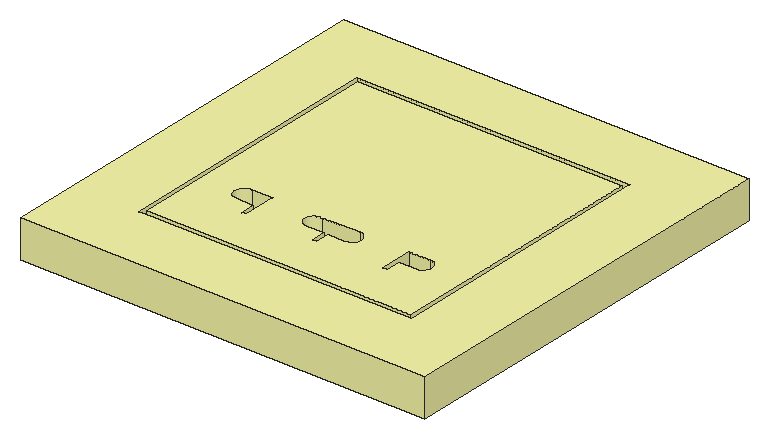
Revit family "EP_Shaver Outlet", category Electrical Fixtures, host Face, Revit 2013
Parameters
  Load Classification = Power
  Default Elevation = 1200 mm
Reference planes
  plane 1 "Center (Front/Back)": y = 0
  plane 2: z = 0
  plane 3 "Center (Left/Right)": x = 0
  plane 4: x = -43
  plane 5: x = 43
  plane 6: y = 43
  plane 7: y = -43
  plane 8 "Switch": z = 8
Forms (mm)
  Extrusion 1, solid, material "Face Plate"
    sketch origin (0, 0, 0) x (1, 0, 0) y (0, 1, 0)
      loop
        line (-43, -43) -> (43, -43) -> (43, 43) -> (-43, 43) -> (-43, -43)
    from 0 to 8
  Extrusion 2, void
    sketch origin (0, 0, 8) x (-1, 0, 0) y (0, -1, 0)
      loop
        line (28, -28) -> (28, 28) -> (-28, 28) -> (-28, -28) -> (28, -28)
      loop
        line (29, -29) -> (29, 29) -> (-29, 29) -> (-29, -29) -> (29, -29)
    from 0 to -2
  Extrusion 3, void
    sketch origin (0, 0, 8) x (-1, 0, 0) y (0, -1, 0)
      loop
        arc (4, 11.529) -> (6.02, 13.548) -> (4, 15.568) r 2.02
        line (4, 15.568) -> (0.5, 15.568) -> (0.5, 18.508) -> (-0.5, 18.508) -> (-0.5, 15.568) -> (-4, 15.568)
        arc (-4, 15.568) -> (-6.02, 13.548) -> (-4, 11.529) r 2.02
        line (-4, 11.529) -> (4, 11.529)
    from 0 to -4
  Extrusion 4, void
    sketch origin (0, 0, 8) x (-1, 0, 0) y (0, -1, 0)
      loop
        line (15.5, 18.508) -> (14.5, 18.508) -> (14.5, 11.529) -> (19, 11.529)
        arc (19, 11.529) -> (21.02, 13.548) -> (19, 15.568) r 2.02
        line (19, 15.568) -> (15.5, 15.568) -> (15.5, 18.508)
      loop
        line (-15.5, 18.508) -> (-15.5, 15.568) -> (-19, 15.568)
        arc (-19, 15.568) -> (-21.02, 13.548) -> (-19, 11.529) r 2.02
        line (-19, 11.529) -> (-14.5, 11.529) -> (-14.5, 18.508) -> (-15.5, 18.508)
    from 0 to -4
Cuts and joins
  Extrusion 2, Extrusion 3, Extrusion 4 cuts Extrusion 1
Dimensions and locks
  plane 4 to plane 3 "Center (Left/Right)" to plane 5 = 43 mm, 43 mm
  aligned and locked: plane 2 to host face
  aligned and locked: level to host face
Nested families
  nested 1: "EP_SO" at (0, 0, 0), type "EP_SO"
Connectors
  electrical at (0, 0, 0), driven by "Load Classification"
    settings: on cut or joined group of Extrusion 1, Extrusion 2, Extrusion 3, Extrusion 4, index 1, voltage 230 V, apparent load 0 VA, apparent load phase1 150 VA, apparent load phase2 0 VA, apparent load phase3 0 VA, power factor 1, load classification "Power", number of poles 1, system type 31, power factor state 1, is connector primary yes, connector utility no, sub classification motor no, connector description ""
Definition of nested family "EP_SO"
  Reference planes
    plane 1: y = 0
    plane 2: x = 0
  Lines and regions (mm)
    detail lines, style "Power Symbols"
      curve 1: line (-1.9, 0, 0) -> (1.9, 0, 0)
      curve 2: line (-1.9, 2.25, 0) -> (-1.9, 0, 0)
      curve 3: line (1.9, 2.25, 0) -> (-1.9, 2.25, 0)
      curve 4: line (1.9, 0, 0) -> (1.9, 2.25, 0)
  Text (mm)
    text "SO" at (-0.003, 2.26, 0)
